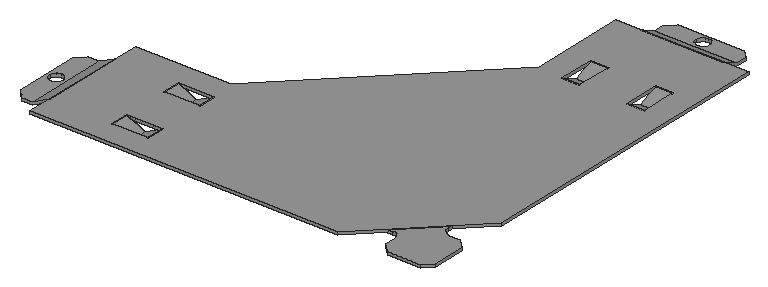
Revit family "Deckel- DFB 90 050 FT", category Generic Models, Revit 2017
Family settings
  Can host rebar = No
  Round Connector Dimension = Use Diameter
  Part Type = Normal
  Work Plane-Based = No
  Always vertical = Yes
  Cut with Voids When Loaded = No
  Shared = No
  Room Calculation Point = No
Parameters (values of type "DFB 90 050 FT")
  URL = "http://www.obo-bettermann.com"
  Material = Hot-dip galvanised
  Manufacturer Art.No. = "7131785"
  Manufacturer = "OBO BETTERMANN"
  GTIN = "4012196701254"
  Article Type = "DFB 90 050 FT"
Types (3, lengths in mm): name | Material | Manufacturer Art.No. | GTIN | Article Type
  (no name) | Hot-dip galvanised | "7131785" | "4012196701254" | "DFB 90 050 FT"
  DFB 90 050 FT | Hot-dip galvanised | "7131785" | "4012196701254" | "DFB 90 050 FT"
  DFB 90 050 FS | Strip galvanised | "7131780" | "4012196687688" | "DFB 90 050 FS"
Reference planes
  plane 1 "Center (Front/Back)": y = 0
  plane 2: z = 0
  plane 3 "Center (Left/Right)": x = 0
  plane 4: y = 158
  plane 5: x = -158
  plane 6: y = 48
  plane 7: x = -48
  plane 8: x = -110.47
  plane 9: y = 110.47
  plane 10: z = 1
  plane 11: x = -145
  plane 12: y = 145
  plane 13: x = -24
  plane 14: y = 24
  plane 15: x = -24
  plane 16: y = 145
  plane 17: x = -36.047
  plane 18: y = 155
  plane 19: x = -12.048
  plane 20: y = 155
  plane 21: y = 154.5
  plane 22: x = -24
  plane 23: x = -154.5
  plane 24: y = 24
  plane 25: x = -33
  plane 26: y = 33
  plane 27: through (0, 0, 1200) normal (-0.7071, -0.7071, 0)
  plane 28: x = -10
  plane 29: y = 10
  plane 30: x = -10
  plane 31: y = 10
  plane 32: y = 18
  plane 33: x = -18
  plane 34: y = 3
  plane 35: x = -3
  plane 36: x = -158
  plane 37: z = -2
  plane 38: x = -151
  plane 39: y = 39
  plane 40: y = 9
  plane 41: x = -154.5
  plane 42: y = 158
  plane 43: z = -2
  plane 44: x = -9
  plane 45: x = -39
  plane 46: x = -24
  plane 47: y = 154.5
  plane 48: y = 115.7
  plane 49: x = -24
  plane 50: x = -12.25
  plane 51: x = -35.75
  plane 52: z = -3.2
  plane 53: y = 115.7
  plane 54: x = -115.7
  plane 55: y = 24
  plane 56: y = 35.75
  plane 57: y = 12.25
  plane 58: z = -3.2
  plane 59: x = -115.7
Forms (mm)
  Extrusion 1, solid, material "Hot-dip galvanised" <- "Material"
    sketch origin (0, 0, 0) x (1, 0, 0) y (0, 1, 0)
      loop
        line (0, 158) -> (-48, 158) -> (-48, 110.47) -> (-110.47, 48) -> (-158, 48) -> (-158, 0) -> (0, 0) -> (0, 158)
    from 0 to 1
  Extrusion 2, void
    sketch origin (0, 0, 0) x (1, 0, 0) y (0, 1, 0)
      loop
        line (-158, 39) -> (-145, 39) -> (-145, 48) -> (-158, 48) -> (-158, 39)
      loop
        line (-158, 9) -> (-158, 0) -> (-145, 0) -> (-145, 9) -> (-158, 9)
    from 0 to 1
  Extrusion 3, void
    sketch origin (0, 0, 0) x (1, 0, 0) y (0, 1, 0)
      loop
        line (-9.048, 158) -> (-9.048, 145) -> (0, 145) -> (0, 158) -> (-9.048, 158)
      loop
        line (-39.047, 158) -> (-48, 158) -> (-48, 145) -> (-39.047, 145) -> (-39.047, 158)
    from 0 to 1
  Extrusion 4, void
    sketch origin (0, 0, 0) x (1, 0, 0) y (0, 1, 0)
      loop
        line (-39.047, 155) -> (-36.047, 158) -> (-39.047, 158) -> (-39.047, 155)
      loop
        line (-12.048, 158) -> (-9.048, 155) -> (-9.048, 158) -> (-12.048, 158)
    from 0 to 1
  Extrusion 5, void
    sketch origin (0, 0, 0) x (1, 0, 0) y (0, 1, 0)
      loop
        circle (-24, 154.5) r 2.506
    from 0 to 1
  Extrusion 6, void
    sketch origin (0, 0, 0) x (1, 0, 0) y (0, 1, 0)
      loop
        line (-158, 39) -> (-158, 35.984) -> (-154.984, 39) -> (-158, 39)
      loop
        line (-158, 9) -> (-154.954, 9) -> (-158, 12.046) -> (-158, 9)
    from 0 to 1
  Extrusion 7, void
    sketch origin (0, 0, 0) x (1, 0, 0) y (0, 1, 0)
      loop
        circle (-154.5, 24) r 2.526
    from 0 to 1
  Extrusion 8, void
    sketch origin (0, 0, 0) x (1, 0, 0) y (0, 1, 0)
      loop
        line (0, 33) -> (-33, 0) -> (0, 0) -> (0, 33)
    from 0 to 1
  Extrusion 9, solid, material "Hot-dip galvanised" <- "Material"
    sketch origin (0, 0, 0) x (1, 0, 0) y (0, 1, 0)
      loop
        line (-3, 0) -> (0, 3) -> (0, 15) -> (-3, 18) -> (-7, 18)
        arc (-7, 18) -> (-9.121, 18.879) -> (-10, 21) r 3
        line (-10, 21) -> (-10, 23) -> (-23, 10) -> (-21, 10)
        arc (-21, 10) -> (-18.879, 9.121) -> (-18, 7) r 3
        line (-18, 7) -> (-18, 3.022) -> (-14.978, 0) -> (-3, 0)
    from 0 to 1
  Extrusion 10, void
    sketch origin (0, 0, 0) x (1, 0, 0) y (0, 1, 0)
      loop
        line (-145, 39) -> (-154.984, 39) -> (-158, 35.984) -> (-158, 12.046) -> (-154.954, 9) -> (-145, 9) -> (-145, 39)
    from 0 to 1
  Extrusion 11, solid, material "Hot-dip galvanised" <- "Material"
    sketch origin (0, 0, 0) x (1, 0, 0) y (0, 0, 1)
      loop
        line (-158, -2) -> (-158, -3) -> (-151.022, -3) -> (-145, 0.011) -> (-145, 1) -> (-151, -2) -> (-158, -2)
    from -39 to -9
  Extrusion 12, void
    sketch origin (0, 0, 0) x (1, 0, 0) y (0, 1, 0)
      loop
        line (-158, 39) -> (-158, 35.994) -> (-154.994, 39) -> (-158, 39)
      loop
        line (-158, 9) -> (-154.988, 9) -> (-158, 12.012) -> (-158, 9)
    from -2 to -3
  Extrusion 13, void
    sketch origin (0, 0, 0) x (1, 0, 0) y (0, 1, 0)
      loop
        circle (-154.5, 24) r 2.542
    from -2 to -3
  Extrusion 14, void
    sketch origin (0, 0, 0) x (1, 0, 0) y (0, 1, 0)
      loop
        line (-39.047, 145) -> (-9.048, 145) -> (-9.048, 155) -> (-12.048, 158) -> (-36.047, 158) -> (-39.047, 155) -> (-39.047, 145)
    from 1 to 0
  Extrusion 15, solid, material "Hot-dip galvanised" <- "Material"
    sketch origin (0, 0, 0) x (0, 1, 0) y (0, 0, 1)
      loop
        line (158, -2) -> (151.139, -2) -> (145, 1) -> (145, 0) -> (151.139, -3) -> (158, -3) -> (158, -2)
    from -9 to -39
  Extrusion 16, void
    sketch origin (0, 0, 0) x (1, 0, 0) y (0, 1, 0)
      loop
        circle (-24, 154.5) r 2.515
    from -2 to -3
  Extrusion 17, void
    sketch origin (0, 0, 0) x (1, 0, 0) y (0, 1, 0)
      loop
        line (-15.5, 122.2) -> (-15.5, 109.2) -> (-9, 109.2) -> (-9, 122.2) -> (-15.5, 122.2)
      loop
        line (-38.989, 122.2) -> (-38.989, 109.2) -> (-32.5, 109.2) -> (-32.5, 122.2) -> (-38.989, 122.2)
    from 1 to 0
  Extrusion 18, solid, material "Hot-dip galvanised" <- "Material"
    sketch origin (0, 0, 0) x (0, 1, 0) y (0, 0, 1)
      loop
        line (122.2, 0) -> (122.2, 1) -> (115.7, -2.2) -> (109.2, 1) -> (109.2, 0) -> (115.7, -3.2) -> (122.2, 0)
    from -9 to -15.5
  Extrusion 19, solid, material "Hot-dip galvanised" <- "Material"
    sketch origin (0, 0, 0) x (0, 1, 0) y (0, 0, 1)
      loop
        line (109.2, 1) -> (109.2, 0) -> (115.7, -3.2) -> (122.2, 0) -> (122.2, 1) -> (115.7, -2.2) -> (109.2, 1)
    from -32.5 to -38.989
  Extrusion 20, void
    sketch origin (0, 0, 0) x (1, 0, 0) y (0, 1, 0)
      loop
        line (-122.2, 39) -> (-122.2, 32.5) -> (-109.2, 32.5) -> (-109.2, 39) -> (-122.2, 39)
      loop
        line (-122.2, 15.5) -> (-122.2, 9) -> (-109.2, 9) -> (-109.2, 15.5) -> (-122.2, 15.5)
    from 1 to 0
  Extrusion 21, solid, material "Hot-dip galvanised" <- "Material"
    sketch origin (0, 0, 0) x (1, 0, 0) y (0, 0, 1)
      loop
        line (-122.2, 0) -> (-115.7, -3.2) -> (-109.2, 0) -> (-109.2, 1) -> (-115.7, -2.2) -> (-122.2, 1) -> (-122.2, 0)
    from -9 to -15.5
  Extrusion 22, solid, material "Hot-dip galvanised" <- "Material"
    sketch origin (0, 0, 0) x (1, 0, 0) y (0, 0, 1)
      loop
        line (-122.2, 0) -> (-115.7, -3.2) -> (-109.2, 0) -> (-109.2, 1) -> (-115.7, -2.2) -> (-122.2, 1) -> (-122.2, 0)
    from -32.5 to -39
  Extrusion 23, void
    sketch origin (0, 0, 0) x (1, 0, 0) y (0, 1, 0)
      loop
        line (-9, 158) -> (-12.028, 158) -> (-9, 154.972) -> (-9, 158)
      loop
        line (-39, 158) -> (-39, 155) -> (-36, 158) -> (-39, 158)
    from -2 to -3
Cuts and joins
  Extrusion 2, Extrusion 3, Extrusion 4, Extrusion 5, Extrusion 6, Extrusion 7, Extrusion 8, Extrusion 10, Extrusion 14, Extrusion 17, Extrusion 20 cuts Extrusion 1
  Extrusion 12, Extrusion 13 cuts Extrusion 11
  Extrusion 16, Extrusion 23 cuts Extrusion 15
Dimensions and locks
  locked: plane 1 "Center (Front/Back)" to plane 4 at 158
  locked: plane 5 to plane 3 "Center (Left/Right)" at 158
  locked: plane 1 "Center (Front/Back)" to plane 6 at 48
  locked: plane 7 to plane 3 "Center (Left/Right)" at 48
  locked: plane 5 to plane 8 at 47.53
  locked: plane 4 to plane 9 at 47.53
  locked: Extrusion 1 sketch curve to Extrusion 1 sketch curve at 48  (x2)
  locked: Extrusion 1 sketch curve to Extrusion 1 sketch curve at 112.055
  locked: Extrusion 1 sketch curve to Extrusion 1 sketch curve at 158  (x2)
  locked: plane 10 to level at 1
  Extrusion 1 sketch curve to Extrusion 1 sketch curve = 88.346 mm
  locked: Extrusion 1 to plane 11 at 13
  locked: Extrusion 1 to plane 12 at 13
  locked: Extrusion 1 to plane 14 at 24
  locked: Extrusion 1 to plane 13 at 24
  locked: cut or joined group 1 (Extrusion 1, Extrusion 2, Extrusion 3, Extrusion 4, Extrusion 5, Extrusion 6, Extrusion 7, Extrusion 8, Extrusion 10, Extrusion 14, Extrusion 17, Extrusion 20) to plane 15 at 24
  locked: cut or joined group 1 to plane 16 at 13
  cut or joined group 1 to plane 18 = 3 mm
  locked: cut or joined group 1 to plane 17 at 3
  locked: plane 19 to cut or joined group 1 at 3
  locked: cut or joined group 1 to plane 20 at 3
  locked: cut or joined group 1 to plane 23 at 3.5
  locked: cut or joined group 1 to plane 24 at 24
  locked: Extrusion 7 sketch curve to plane 24 at 2.526
  locked: cut or joined group 1 to Extrusion 7 sketch curve at 6.026
  locked: cut or joined group 1 to plane 26 at 33
  locked: plane 25 to cut or joined group 1 at 33
  locked: Extrusion 9 sketch curve to Extrusion 9 sketch curve at 18  (x2)
  locked: Extrusion 9 sketch curve to cut or joined group 1 at 21.213
  locked: cut or joined group 1 to plane 36 at 13
  locked: cut or joined group 1 to plane 37 at 3
  locked: plane 38 to plane 36 at 7
  locked: Extrusion 11 sketch curve to Extrusion 11 sketch curve at 6.978
  locked: Extrusion 11 sketch curve to Extrusion 11 sketch curve at 13
  locked: Extrusion 11 sketch curve to Extrusion 11 sketch curve at 1
  locked: Extrusion 11 sketch curve to Extrusion 11 sketch curve at 0.884
  Extrusion 11 to plane 24 = 15 mm
  locked: plane 39 to plane 24 at 15
  locked: plane 24 to plane 40 at 15
  cut or joined group of Extrusion 11, Extrusion 12, Extrusion 13 to plane 23 = 3.5 mm
  cut or joined group of Extrusion 11, Extrusion 12, Extrusion 13 to plane 41 = 3.5 mm
  locked: Extrusion 13 sketch curve to plane 24 at 2.542
  locked: plane 24 to Extrusion 13 sketch curve at 0
  locked: cut or joined group 1 to plane 43 at 3
  locked: Extrusion 15 sketch curve to Extrusion 15 sketch curve at 1
  locked: cut or joined group 1 to Extrusion 15 sketch curve at 13
  locked: Extrusion 15 sketch curve to Extrusion 15 sketch curve at 0.898
  locked: cut or joined group 1 to plane 46 at 24
  locked: plane 45 to plane 46 at 15
  locked: plane 46 to plane 44 at 15
  locked: Extrusion 15 to plane 47 at 3.5
  locked: plane 46 to Extrusion 16 sketch curve at 2.515
  locked: plane 46 to Extrusion 16 sketch curve at 0
  locked: plane 48 to cut or joined group 1 at 29.3
  locked: plane 49 to plane 50 at 11.75
  locked: plane 51 to plane 49 at 11.75
  locked: Extrusion 17 sketch curve to Extrusion 17 sketch curve at 6.5
  locked: plane 50 to Extrusion 17 sketch curve at 3.25
  locked: Extrusion 17 sketch curve to Extrusion 17 sketch curve at 13
  locked: plane 48 to Extrusion 17 sketch curve at 6.5
  locked: Extrusion 17 sketch curve to Extrusion 17 sketch curve at 6.489
  locked: plane 51 to Extrusion 17 sketch curve at 3.25
  locked: plane 52 to cut or joined group 1 at 3.2
  locked: cut or joined group 1 to plane 54 at 29.3
  locked: plane 56 to plane 55 at 11.75
  locked: plane 55 to plane 57 at 11.75
  locked: Extrusion 20 sketch curve to Extrusion 20 sketch curve at 13
  locked: Extrusion 20 sketch curve to plane 54 at 6.5
  locked: Extrusion 20 sketch curve to Extrusion 20 sketch curve at 6.5  (x2)
  locked: plane 56 to Extrusion 20 sketch curve at 3.25
  locked: plane 57 to Extrusion 20 sketch curve at 3.25
  locked: cut or joined group 1 to plane 58 at 3.2
  aligned and locked: level to plane 2
  aligned and locked: plane 3 "Center (Left/Right)" to Extrusion 1
  aligned and locked: plane 1 "Center (Front/Back)" to Extrusion 1
  aligned and locked: plane 10 to Extrusion 1
  aligned and locked: Extrusion 1 to Extrusion 2
  aligned and locked: Extrusion 2 to Extrusion 1
  aligned and locked: Extrusion 3 to Extrusion 1
  aligned and locked: Extrusion 1 to Extrusion 3
  aligned and locked: Extrusion 1 to Extrusion 4  (x2)
  aligned and locked: Extrusion 1 to Extrusion 5  (x2)
  aligned and locked: Extrusion 1 to Extrusion 6  (x2)
  aligned and locked: Extrusion 1 to Extrusion 7  (x2)
  aligned and locked: Extrusion 1 to Extrusion 8
  aligned and locked: Extrusion 8 to Extrusion 1
  aligned and locked: cut or joined group 1 to Extrusion 9
  aligned and locked: Extrusion 9 to cut or joined group 1
  aligned and locked: Extrusion 10 to Extrusion 1
  aligned and locked: Extrusion 1 to Extrusion 10
  aligned and locked: cut or joined group 1 to Extrusion 11
  aligned and locked: plane 39 to Extrusion 11
  aligned and locked: Extrusion 11 to plane 40
  aligned and locked: Extrusion 12 to Extrusion 11  (x2)
  aligned and locked: Extrusion 11 to Extrusion 13  (x2)
  aligned and locked: Extrusion 1 to Extrusion 14
  aligned and locked: plane 43 to Extrusion 15 sketch curve
  aligned and locked: Extrusion 15 sketch curve to cut or joined group 1
  aligned and locked: Extrusion 15 to plane 45
  aligned and locked: plane 44 to Extrusion 15
  aligned and locked: Extrusion 15 to Extrusion 16  (x2)
  aligned and locked: Extrusion 17 sketch curve to Extrusion 17 sketch curve  (x2)
  aligned and locked: Extrusion 1 to Extrusion 17  (x2)
  aligned and locked: Extrusion 18 to cut or joined group 1  (x2)
  aligned and locked: Extrusion 19 to cut or joined group 1  (x2)
  aligned and locked: Extrusion 20 sketch curve to Extrusion 20 sketch curve  (x2)
  aligned and locked: Extrusion 1 to Extrusion 20  (x2)
  aligned and locked: Extrusion 21 to cut or joined group 1  (x2)
  aligned and locked: Extrusion 22 to cut or joined group 1  (x2)
  aligned and locked: Extrusion 15 to Extrusion 23
  aligned and locked: Extrusion 23 to Extrusion 15
Automatic sketch dimensions
  plane 1 "Center (Front/Back)" to Extrusion 1 sketch curve = 0 mm
  Extrusion 1 sketch curve to plane 5 = 0 mm
  Extrusion 1 sketch curve to plane 8 = 0 mm
  plane 1 "Center (Front/Back)" to Extrusion 2 sketch curve = 0 mm
  Extrusion 2 sketch curve to plane 11 = 0 mm  (x2)
  Extrusion 2 sketch curve to plane 23 = 3.5 mm  (x2)
  Extrusion 2 sketch curve to plane 1 "Center (Front/Back)" = 9 mm
  plane 14 to Extrusion 2 sketch curve = 15 mm
  Extrusion 2 sketch curve to Extrusion 2 sketch curve = 9 mm
  Extrusion 3 sketch curve to plane 16 = 0 mm  (x2)
  Extrusion 3 sketch curve to plane 3 "Center (Left/Right)" = 0 mm
  Extrusion 3 sketch curve to plane 3 "Center (Left/Right)" = 9.048 mm
  Extrusion 3 sketch curve to plane 15 = 15.047 mm
  Extrusion 3 sketch curve to Extrusion 3 sketch curve = 8.953 mm
  Extrusion 3 sketch curve to Extrusion 3 sketch curve = 13 mm
  plane 16 to Extrusion 3 sketch curve = 13 mm
  Extrusion 4 sketch curve to plane 18 = 0 mm
  Extrusion 4 sketch curve to plane 17 = 0 mm
  Extrusion 4 sketch curve to plane 19 = 0 mm
  plane 18 to Extrusion 4 sketch curve = 0 mm
  Extrusion 4 sketch curve to plane 17 = 3 mm
  plane 19 to Extrusion 4 sketch curve = 3 mm
  plane 18 to Extrusion 4 sketch curve = 3 mm  (x2)
  Extrusion 5 sketch curve to plane 21 = 0 mm
  Extrusion 5 sketch curve to plane 22 = 0 mm
  Extrusion 6 sketch curve to plane 23 = 3.5 mm  (x2)
  Extrusion 6 sketch curve to plane 23 = 0.484 mm
  Extrusion 6 sketch curve to plane 23 = 0.454 mm
  Extrusion 6 sketch curve to plane 1 "Center (Front/Back)" = 9 mm
  Extrusion 6 sketch curve to Extrusion 6 sketch curve = 3.046 mm
  plane 24 to Extrusion 6 sketch curve = 11.984 mm
  Extrusion 6 sketch curve to Extrusion 6 sketch curve = 3.016 mm
  Extrusion 7 sketch curve to plane 23 = 0 mm
  plane 1 "Center (Front/Back)" to Extrusion 8 sketch curve = 0 mm
  Extrusion 8 sketch curve to plane 25 = 0 mm
  Extrusion 8 sketch curve to plane 3 "Center (Left/Right)" = 0 mm
  plane 26 to Extrusion 8 sketch curve = 0 mm
  plane 29 to Extrusion 9 sketch curve = 0 mm
  Extrusion 9 sketch curve to plane 33 = 0 mm
  Extrusion 9 sketch curve to plane 28 = 0 mm
  Extrusion 9 sketch curve to plane 35 = 0 mm  (x2)
  Extrusion 9 sketch curve to plane 33 = 3 mm
  plane 33 to Extrusion 9 sketch curve = 3.022 mm
  plane 28 to Extrusion 9 sketch curve = 3 mm
  plane 34 to Extrusion 9 sketch curve = 0.022 mm
  Extrusion 9 sketch curve to plane 32 = 3 mm
  Extrusion 9 sketch curve to Extrusion 9 sketch curve = 2 mm
  Extrusion 9 sketch curve to plane 24 = 1 mm
  Extrusion 10 sketch curve to plane 23 = 3.5 mm
  Extrusion 10 sketch curve to plane 23 = 0.484 mm
  Extrusion 10 sketch curve to plane 23 = 0.454 mm
  Extrusion 10 sketch curve to plane 1 "Center (Front/Back)" = 9 mm
  Extrusion 10 sketch curve to Extrusion 10 sketch curve = 3.046 mm
  plane 24 to Extrusion 10 sketch curve = 11.984 mm
  Extrusion 10 sketch curve to Extrusion 10 sketch curve = 3.016 mm
  plane 23 to Extrusion 10 sketch curve = 9.5 mm
  Extrusion 11 sketch curve to plane 36 = 0 mm
  Extrusion 11 sketch curve to plane 38 = 0 mm
  Extrusion 11 sketch curve to plane 37 = 0 mm
  Extrusion 12 sketch curve to plane 39 = 0 mm
  Extrusion 12 sketch curve to plane 40 = 0 mm
  Extrusion 12 sketch curve to plane 23 = 3.5 mm  (x2)
  Extrusion 12 sketch curve to plane 23 = 0.494 mm
  Extrusion 12 sketch curve to plane 23 = 0.488 mm
  Extrusion 12 sketch curve to Extrusion 12 sketch curve = 3.006 mm
  plane 40 to Extrusion 12 sketch curve = 3.012 mm
  Extrusion 13 sketch curve to plane 23 = 0 mm
  Extrusion 14 sketch curve to plane 3 "Center (Left/Right)" = 36.047 mm
  Extrusion 14 sketch curve to plane 3 "Center (Left/Right)" = 12.048 mm
  Extrusion 14 sketch curve to plane 3 "Center (Left/Right)" = 9.048 mm
  plane 39 to Extrusion 14 sketch curve = 106 mm
  Extrusion 14 sketch curve to Extrusion 14 sketch curve = 10 mm
  Extrusion 14 sketch curve to Extrusion 14 sketch curve = 13 mm
  Extrusion 14 sketch curve to Extrusion 14 sketch curve = 3 mm  (x2)
  Extrusion 15 sketch curve to level = 0 mm
  Extrusion 15 sketch curve to plane 10 = 0 mm
  Extrusion 16 sketch curve to plane 47 = 0 mm
  Extrusion 18 sketch curve to plane 10 = 0 mm  (x2)
  Extrusion 18 sketch curve to level = 0 mm  (x2)
  Extrusion 18 sketch curve to plane 53 = 0 mm  (x2)
  Extrusion 18 sketch curve to plane 52 = 0 mm
  Extrusion 18 sketch curve to plane 53 = 6.5 mm
  plane 52 to Extrusion 18 sketch curve = 1 mm
  plane 53 to Extrusion 18 sketch curve = 6.5 mm
  Extrusion 19 sketch curve to level = 0 mm  (x2)
  Extrusion 19 sketch curve to plane 10 = 0 mm  (x2)
  Extrusion 19 sketch curve to level = 2.2 mm
  Extrusion 19 sketch curve to plane 47 = 38.8 mm
  Extrusion 19 sketch curve to level = 3.2 mm
  Extrusion 19 sketch curve to Extrusion 19 sketch curve = 0 mm
  Extrusion 19 sketch curve to Extrusion 19 sketch curve = 6.5 mm  (x2)
  Extrusion 21 sketch curve to plane 10 = 0 mm  (x2)
  Extrusion 21 sketch curve to level = 0 mm  (x2)
  Extrusion 21 sketch curve to plane 59 = 0 mm  (x2)
  Extrusion 21 sketch curve to plane 58 = 0 mm
  Extrusion 21 sketch curve to plane 59 = 6.5 mm
  Extrusion 21 sketch curve to Extrusion 21 sketch curve = 1 mm
  plane 59 to Extrusion 21 sketch curve = 6.5 mm
  Extrusion 22 sketch curve to level = 0 mm  (x2)
  Extrusion 22 sketch curve to plane 10 = 0 mm  (x2)
  Extrusion 22 sketch curve to level = 3.2 mm
  plane 23 to Extrusion 22 sketch curve = 38.8 mm
  Extrusion 22 sketch curve to level = 2.2 mm
  Extrusion 22 sketch curve to Extrusion 22 sketch curve = 0 mm
  Extrusion 22 sketch curve to Extrusion 22 sketch curve = 6.5 mm  (x2)
  Extrusion 23 sketch curve to plane 45 = 0 mm
  Extrusion 23 sketch curve to plane 44 = 0 mm
  plane 45 to Extrusion 23 sketch curve = 3 mm
  Extrusion 23 sketch curve to Extrusion 23 sketch curve = 3.028 mm
  plane 47 to Extrusion 23 sketch curve = 0.472 mm
  plane 47 to Extrusion 23 sketch curve = 3.5 mm  (x2)
  plane 47 to Extrusion 23 sketch curve = 0.5 mm
  radius of Extrusion 5 sketch curve = 2.506 mm
